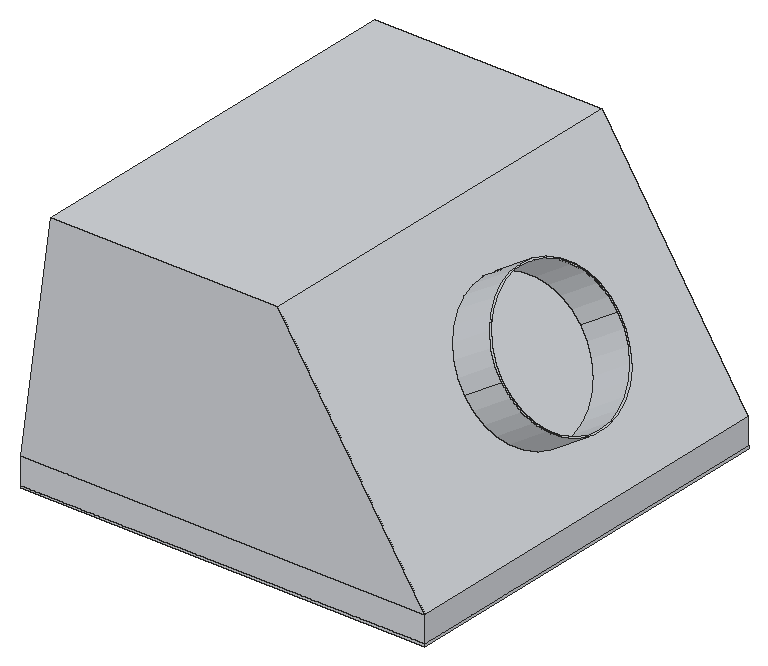
Revit family "SWF-P", category Air Terminals, Revit 2012
Parameters (values of type "SWF-P-08")
  URL = ""
  Radio int = 2 15/16"
  Radio = Diametro / 2  # 4"
  Mínima velocidad de cuello = 0 FPM
  Mínima presión total = 0.00 in-wg
  Máximo nivel de ruido (NC) = "32"
  Máxima velocidad de cuello = 0 FPM
  Máxima presión total = 0.00 in-wg
  Min Flow = 0 CFM
  Max Flow = 0 CFM
  Material = "Acero"
  Manufacturer = ""
  Largo superior = 23 21/32"
  Espesor = B plato - 3/16"  # 21 15/16"
  Diametro int = 5 7/8"
  Diametro = 8"
  Cuello = "Redondo"
  B plato = 22 1/8"
  Alto placa = 1/8"
  Alto perfil = 1 9/16"
  Alto = 13 13/16"
Types (2): name | URL | Radio | Mínima velocidad de cuello | Mínima presión total | Máximo nivel de ruido (NC) | Máxima velocidad de cuello | Máxima presión total | Min Flow | Max Flow | Manufacturer | Diametro
  SWF-P-06 | "http://www.innes.com.mx" | 3" | 10 FPM | 10.00 in-wg | "10" | 10 FPM | 10.00 in-wg | 10 CFM | 10 CFM | "INNES" | 6"
  SWF-P-08 | "" | 4" | 0 FPM | 0.00 in-wg | "32" | 0 FPM | 0.00 in-wg | 0 CFM | 0 CFM | "" | 8"
Reference planes (in)
  plane 1 "Center (Front/Back)": y = 0
  plane 2: z = 0
  plane 3 "Center (Left/Right)": x = 0
  plane 4: x = 11.0625
  plane 5: x = -11.0625
  plane 6: y = 11.0625
  plane 7: y = -11.0625
  plane 8: x = -10.96875
  plane 9: x = 10.96875
  plane 10: y = 10.96875
  plane 11: y = -10.96875
  plane 12 "Altura placa": z = 0.125
  plane 13 "Altura perfil": z = 1.5625
  plane 14 "Altura": z = 13.8125
  plane 15: x = -9.375
  plane 16: x = 3.03125
  plane 17: x = -9.1875
  plane 18: x = 2.84375
Forms (in)
  Extrusion 1, solid
    sketch origin (0, 0, 0) x (1, 0, 0) y (0, 1, 0)
      loop
        line (-11.0625, 11.0625) -> (-11.0625, -11.0625) -> (11.0625, -11.0625) -> (11.0625, 11.0625) -> (-11.0625, 11.0625)
    from 0 to 0.125
  Extrusion 2, void
    sketch origin (0.10586, 0.04098, 0) x (-0.669131, -0.743145, 0) y (0.743145, -0.669131, 0)
      loop
        arc (-8.74735, 4.30708) -> (-5.32159, 2.29365) -> (-1.53083, 1.10205) r 17.55906
        arc (-1.53083, 1.10205) -> (-2.00501, 1.41256) -> (-2.51614, 1.65751) r 4.26873
        arc (-2.51614, 1.65751) -> (-5.38673, 3.45137) -> (-7.99735, 5.60612) r 25.7617
        line (-7.99735, 5.60612) -> (-8.74735, 4.30708)
    from 0 to 0.125
  Extrusion 3, void
    sketch origin (0.11207, 0.01808, 0) x (-0.809017, -0.587785, 0) y (0.587785, -0.809017, 0)
      loop
        arc (-8.74735, 4.30708) -> (-5.32159, 2.29365) -> (-1.53083, 1.10205) r 17.55906
        arc (-1.53083, 1.10205) -> (-2.00501, 1.41256) -> (-2.51614, 1.65751) r 4.26873
        arc (-2.51614, 1.65751) -> (-5.38673, 3.45137) -> (-7.99735, 5.60612) r 25.7617
        line (-7.99735, 5.60612) -> (-8.74735, 4.30708)
    from 0 to 0.125
  Extrusion 4, void
    sketch origin (0.11338, -0.00562, 0) x (-0.913545, -0.406737, 0) y (0.406737, -0.913545, 0)
      loop
        arc (-8.74735, 4.30708) -> (-5.32159, 2.29365) -> (-1.53083, 1.10205) r 17.55906
        arc (-1.53083, 1.10205) -> (-2.00501, 1.41256) -> (-2.51614, 1.65751) r 4.26873
        arc (-2.51614, 1.65751) -> (-5.38673, 3.45137) -> (-7.99735, 5.60612) r 25.7617
        line (-7.99735, 5.60612) -> (-8.74735, 4.30708)
    from 0 to 0.125
  Extrusion 5, void
    sketch origin (0.10973, -0.02907, 0) x (-0.978148, -0.207912, 0) y (0.207912, -0.978148, 0)
      loop
        arc (-8.74735, 4.30708) -> (-5.32159, 2.29365) -> (-1.53083, 1.10205) r 17.55906
        arc (-1.53083, 1.10205) -> (-2.00501, 1.41256) -> (-2.51614, 1.65751) r 4.26873
        arc (-2.51614, 1.65751) -> (-5.38673, 3.45137) -> (-7.99735, 5.60612) r 25.7617
        line (-7.99735, 5.60612) -> (-8.74735, 4.30708)
    from 0 to 0.125
  Extrusion 6, void
    sketch origin (0.10129, -0.05125, 0) x (-1, 0, 0) y (0, -1, 0)
      loop
        arc (-8.74735, 4.30708) -> (-5.32159, 2.29365) -> (-1.53083, 1.10205) r 17.55906
        arc (-1.53083, 1.10205) -> (-2.00501, 1.41256) -> (-2.51614, 1.65751) r 4.26873
        arc (-2.51614, 1.65751) -> (-5.38673, 3.45137) -> (-7.99735, 5.60612) r 25.7617
        line (-7.99735, 5.60612) -> (-8.74735, 4.30708)
    from 0 to 0.125
  Extrusion 7, void
    sketch origin (0.08842, -0.07118, 0) x (-0.978148, 0.207912, 0) y (-0.207912, -0.978148, 0)
      loop
        arc (-8.74735, 4.30708) -> (-5.32159, 2.29365) -> (-1.53083, 1.10205) r 17.55906
        arc (-1.53083, 1.10205) -> (-2.00501, 1.41256) -> (-2.51614, 1.65751) r 4.26873
        arc (-2.51614, 1.65751) -> (-5.38673, 3.45137) -> (-7.99735, 5.60612) r 25.7617
        line (-7.99735, 5.60612) -> (-8.74735, 4.30708)
    from 0 to 0.125
  Extrusion 8, void
    sketch origin (0.07169, -0.08801, 0) x (-0.913545, 0.406737, 0) y (-0.406737, -0.913545, 0)
      loop
        arc (-8.74735, 4.30708) -> (-5.32159, 2.29365) -> (-1.53083, 1.10205) r 17.55906
        arc (-1.53083, 1.10205) -> (-2.00501, 1.41256) -> (-2.51614, 1.65751) r 4.26873
        arc (-2.51614, 1.65751) -> (-5.38673, 3.45137) -> (-7.99735, 5.60612) r 25.7617
        line (-7.99735, 5.60612) -> (-8.74735, 4.30708)
    from 0 to 0.125
  Extrusion 9, void
    sketch origin (0.05182, -0.101, 0) x (-0.809017, 0.587785, 0) y (-0.587785, -0.809017, 0)
      loop
        arc (-8.74735, 4.30708) -> (-5.32159, 2.29365) -> (-1.53083, 1.10205) r 17.55906
        arc (-1.53083, 1.10205) -> (-2.00501, 1.41256) -> (-2.51614, 1.65751) r 4.26873
        arc (-2.51614, 1.65751) -> (-5.38673, 3.45137) -> (-7.99735, 5.60612) r 25.7617
        line (-7.99735, 5.60612) -> (-8.74735, 4.30708)
    from 0 to 0.125
  Extrusion 10, void
    sketch origin (0.02969, -0.10956, 0) x (-0.669131, 0.743145, 0) y (-0.743145, -0.669131, 0)
      loop
        arc (-8.74735, 4.30708) -> (-5.32159, 2.29365) -> (-1.53083, 1.10205) r 17.55906
        arc (-1.53083, 1.10205) -> (-2.00501, 1.41256) -> (-2.51614, 1.65751) r 4.26873
        arc (-2.51614, 1.65751) -> (-5.38673, 3.45137) -> (-7.99735, 5.60612) r 25.7617
        line (-7.99735, 5.60612) -> (-8.74735, 4.30708)
    from 0 to 0.125
  Extrusion 11, void
    sketch origin (0.00627, -0.11334, 0) x (-0.5, 0.866025, 0) y (-0.866025, -0.5, 0)
      loop
        arc (-8.74735, 4.30708) -> (-5.32159, 2.29365) -> (-1.53083, 1.10205) r 17.55906
        arc (-1.53083, 1.10205) -> (-2.00501, 1.41256) -> (-2.51614, 1.65751) r 4.26873
        arc (-2.51614, 1.65751) -> (-5.38673, 3.45137) -> (-7.99735, 5.60612) r 25.7617
        line (-7.99735, 5.60612) -> (-8.74735, 4.30708)
    from 0 to 0.125
  Extrusion 12, void
    sketch origin (-0.01744, -0.11217, 0) x (-0.309017, 0.951057, 0) y (-0.951057, -0.309017, 0)
      loop
        arc (-8.74735, 4.30708) -> (-5.32159, 2.29365) -> (-1.53083, 1.10205) r 17.55906
        arc (-1.53083, 1.10205) -> (-2.00501, 1.41256) -> (-2.51614, 1.65751) r 4.26873
        arc (-2.51614, 1.65751) -> (-5.38673, 3.45137) -> (-7.99735, 5.60612) r 25.7617
        line (-7.99735, 5.60612) -> (-8.74735, 4.30708)
    from 0 to 0.125
  Extrusion 13, void
    sketch origin (-0.04038, -0.10609, 0) x (-0.104528, 0.994522, 0) y (-0.994522, -0.104528, 0)
      loop
        arc (-8.74735, 4.30708) -> (-5.32159, 2.29365) -> (-1.53083, 1.10205) r 17.55906
        arc (-1.53083, 1.10205) -> (-2.00501, 1.41256) -> (-2.51614, 1.65751) r 4.26873
        arc (-2.51614, 1.65751) -> (-5.38673, 3.45137) -> (-7.99735, 5.60612) r 25.7617
        line (-7.99735, 5.60612) -> (-8.74735, 4.30708)
    from 0 to 0.125
  Extrusion 14, void
    sketch origin (-0.06155, -0.09538, 0) x (0.104528, 0.994522, 0) y (-0.994522, 0.104528, 0)
      loop
        arc (-8.74735, 4.30708) -> (-5.32159, 2.29365) -> (-1.53083, 1.10205) r 17.55906
        arc (-1.53083, 1.10205) -> (-2.00501, 1.41256) -> (-2.51614, 1.65751) r 4.26873
        arc (-2.51614, 1.65751) -> (-5.38673, 3.45137) -> (-7.99735, 5.60612) r 25.7617
        line (-7.99735, 5.60612) -> (-8.74735, 4.30708)
    from 0 to 0.125
  Extrusion 15, void
    sketch origin (-0.08004, -0.0805, 0) x (0.309017, 0.951057, 0) y (-0.951057, 0.309017, 0)
      loop
        arc (-8.74735, 4.30708) -> (-5.32159, 2.29365) -> (-1.53083, 1.10205) r 17.55906
        arc (-1.53083, 1.10205) -> (-2.00501, 1.41256) -> (-2.51614, 1.65751) r 4.26873
        arc (-2.51614, 1.65751) -> (-5.38673, 3.45137) -> (-7.99735, 5.60612) r 25.7617
        line (-7.99735, 5.60612) -> (-8.74735, 4.30708)
    from 0 to 0.125
  Extrusion 16, void
    sketch origin (-0.09502, -0.0621, 0) x (0.5, 0.866025, 0) y (-0.866025, 0.5, 0)
      loop
        arc (-8.74735, 4.30708) -> (-5.32159, 2.29365) -> (-1.53083, 1.10205) r 17.55906
        arc (-1.53083, 1.10205) -> (-2.00501, 1.41256) -> (-2.51614, 1.65751) r 4.26873
        arc (-2.51614, 1.65751) -> (-5.38673, 3.45137) -> (-7.99735, 5.60612) r 25.7617
        line (-7.99735, 5.60612) -> (-8.74735, 4.30708)
    from 0 to 0.125
  Extrusion 17, void
    sketch origin (-0.10586, -0.04098, 0) x (0.669131, 0.743145, 0) y (-0.743145, 0.669131, 0)
      loop
        arc (-8.74735, 4.30708) -> (-5.32159, 2.29365) -> (-1.53083, 1.10205) r 17.55906
        arc (-1.53083, 1.10205) -> (-2.00501, 1.41256) -> (-2.51614, 1.65751) r 4.26873
        arc (-2.51614, 1.65751) -> (-5.38673, 3.45137) -> (-7.99735, 5.60612) r 25.7617
        line (-7.99735, 5.60612) -> (-8.74735, 4.30708)
    from 0 to 0.125
  Extrusion 18, void
    sketch origin (-0.11207, -0.01808, 0) x (0.809017, 0.587785, 0) y (-0.587785, 0.809017, 0)
      loop
        arc (-8.74735, 4.30708) -> (-5.32159, 2.29365) -> (-1.53083, 1.10205) r 17.55906
        arc (-1.53083, 1.10205) -> (-2.00501, 1.41256) -> (-2.51614, 1.65751) r 4.26873
        arc (-2.51614, 1.65751) -> (-5.38673, 3.45137) -> (-7.99735, 5.60612) r 25.7617
        line (-7.99735, 5.60612) -> (-8.74735, 4.30708)
    from 0 to 0.125
  Extrusion 19, void
    sketch origin (-0.11338, 0.00562, 0) x (0.913545, 0.406737, 0) y (-0.406737, 0.913545, 0)
      loop
        arc (-8.74735, 4.30708) -> (-5.32159, 2.29365) -> (-1.53083, 1.10205) r 17.55906
        arc (-1.53083, 1.10205) -> (-2.00501, 1.41256) -> (-2.51614, 1.65751) r 4.26873
        arc (-2.51614, 1.65751) -> (-5.38673, 3.45137) -> (-7.99735, 5.60612) r 25.7617
        line (-7.99735, 5.60612) -> (-8.74735, 4.30708)
    from 0 to 0.125
  Extrusion 20, void
    sketch origin (-0.10973, 0.02907, 0) x (0.978148, 0.207912, 0) y (-0.207912, 0.978148, 0)
      loop
        arc (-8.74735, 4.30708) -> (-5.32159, 2.29365) -> (-1.53083, 1.10205) r 17.55906
        arc (-1.53083, 1.10205) -> (-2.00501, 1.41256) -> (-2.51614, 1.65751) r 4.26873
        arc (-2.51614, 1.65751) -> (-5.38673, 3.45137) -> (-7.99735, 5.60612) r 25.7617
        line (-7.99735, 5.60612) -> (-8.74735, 4.30708)
    from 0 to 0.125
  Extrusion 21, void
    sketch origin (-0.10129, 0.05125, 0) x (1, 0, 0) y (0, 1, 0)
      loop
        arc (-8.74735, 4.30708) -> (-5.32159, 2.29365) -> (-1.53083, 1.10205) r 17.55906
        arc (-1.53083, 1.10205) -> (-2.00501, 1.41256) -> (-2.51614, 1.65751) r 4.26873
        arc (-2.51614, 1.65751) -> (-5.38673, 3.45137) -> (-7.99735, 5.60612) r 25.7617
        line (-7.99735, 5.60612) -> (-8.74735, 4.30708)
    from 0 to 0.125
  Extrusion 22, void
    sketch origin (-0.08842, 0.07118, 0) x (0.978148, -0.207912, 0) y (0.207912, 0.978148, 0)
      loop
        arc (-8.74735, 4.30708) -> (-5.32159, 2.29365) -> (-1.53083, 1.10205) r 17.55906
        arc (-1.53083, 1.10205) -> (-2.00501, 1.41256) -> (-2.51614, 1.65751) r 4.26873
        arc (-2.51614, 1.65751) -> (-5.38673, 3.45137) -> (-7.99735, 5.60612) r 25.7617
        line (-7.99735, 5.60612) -> (-8.74735, 4.30708)
    from 0 to 0.125
  Extrusion 23, void
    sketch origin (-0.07169, 0.08801, 0) x (0.913545, -0.406737, 0) y (0.406737, 0.913545, 0)
      loop
        arc (-8.74735, 4.30708) -> (-5.32159, 2.29365) -> (-1.53083, 1.10205) r 17.55906
        arc (-1.53083, 1.10205) -> (-2.00501, 1.41256) -> (-2.51614, 1.65751) r 4.26873
        arc (-2.51614, 1.65751) -> (-5.38673, 3.45137) -> (-7.99735, 5.60612) r 25.7617
        line (-7.99735, 5.60612) -> (-8.74735, 4.30708)
    from 0 to 0.125
  Extrusion 24, void
    sketch origin (-0.05182, 0.101, 0) x (0.809017, -0.587785, 0) y (0.587785, 0.809017, 0)
      loop
        arc (-8.74735, 4.30708) -> (-5.32159, 2.29365) -> (-1.53083, 1.10205) r 17.55906
        arc (-1.53083, 1.10205) -> (-2.00501, 1.41256) -> (-2.51614, 1.65751) r 4.26873
        arc (-2.51614, 1.65751) -> (-5.38673, 3.45137) -> (-7.99735, 5.60612) r 25.7617
        line (-7.99735, 5.60612) -> (-8.74735, 4.30708)
    from 0 to 0.125
  Extrusion 25, void
    sketch origin (-0.02969, 0.10956, 0) x (0.669131, -0.743145, 0) y (0.743145, 0.669131, 0)
      loop
        arc (-8.74735, 4.30708) -> (-5.32159, 2.29365) -> (-1.53083, 1.10205) r 17.55906
        arc (-1.53083, 1.10205) -> (-2.00501, 1.41256) -> (-2.51614, 1.65751) r 4.26873
        arc (-2.51614, 1.65751) -> (-5.38673, 3.45137) -> (-7.99735, 5.60612) r 25.7617
        line (-7.99735, 5.60612) -> (-8.74735, 4.30708)
    from 0 to 0.125
  Extrusion 26, void
    sketch origin (0, 0, 0) x (1, 0, 0) y (0, 1, 0)
      loop
        circle (0, 0) r 0.25
    from 0 to 0.125
  Extrusion 27, solid
    sketch origin (0, 0, 0.125) x (-1, 0, 0) y (0, -1, 0)
      loop
        line (11.0625, -11.0625) -> (11.0625, 11.0625) -> (-11.0625, 11.0625) -> (-11.0625, -11.0625) -> (11.0625, -11.0625)
      loop
        line (10.96875, -10.96875) -> (10.96875, 10.96875) -> (-10.96875, 10.96875) -> (-10.96875, -10.96875) -> (10.96875, -10.96875)
    from 0 to 1.4375
  Blend 28, solid
    base sketch origin (0, 0, 13.8125) x (-1, 0, 0) y (0, -1, 0)
      loop
        line (11.0625, -11.0625) -> (11.0625, 11.0625) -> (-11.0625, 11.0625) -> (-11.0625, -11.0625) -> (11.0625, -11.0625)
    top sketch origin (0, 0, 13.8125) x (-1, 0, 0) y (0, -1, 0)
      loop
        line (9.375, -11.0625) -> (9.375, 11.0625) -> (-3.03125, 11.0625) -> (-3.03125, -11.0625) -> (9.375, -11.0625)
    from -12.25 to 0
  Blend 29, void
    base sketch origin (0, 0, 1.5625) x (-1, 0, 0) y (0, -1, 0)
      loop
        line (10.96875, -10.96875) -> (10.96875, 10.96875) -> (-10.96875, 10.96875) -> (-10.96875, -10.96875) -> (10.96875, -10.96875)
    top sketch origin (0, 0, 13.8125) x (-1, 0, 0) y (0, -1, 0)
      loop
        line (9.1875, -10.96875) -> (9.1875, 10.96875) -> (-2.84375, 10.96875) -> (-2.84375, -10.96875) -> (9.1875, -10.96875)
    from 0 to -0.26133
  Extrusion 30, void
    sketch origin (-0.00627, 0.11334, 0) x (0.5, -0.866025, 0) y (0.866025, 0.5, 0)
      loop
        arc (-8.74735, 4.30708) -> (-5.32159, 2.29365) -> (-1.53083, 1.10205) r 17.55906
        arc (-1.53083, 1.10205) -> (-2.00501, 1.41256) -> (-2.51614, 1.65751) r 4.26873
        arc (-2.51614, 1.65751) -> (-5.38673, 3.45137) -> (-7.99735, 5.60612) r 25.7617
        line (-7.99735, 5.60612) -> (-8.74735, 4.30708)
    from 0 to 0.125
  Extrusion 31, void
    sketch origin (0.01744, 0.11217, 0) x (0.309017, -0.951057, 0) y (0.951057, 0.309017, 0)
      loop
        arc (-8.74735, 4.30708) -> (-5.32159, 2.29365) -> (-1.53083, 1.10205) r 17.55906
        arc (-1.53083, 1.10205) -> (-2.00501, 1.41256) -> (-2.51614, 1.65751) r 4.26873
        arc (-2.51614, 1.65751) -> (-5.38673, 3.45137) -> (-7.99735, 5.60612) r 25.7617
        line (-7.99735, 5.60612) -> (-8.74735, 4.30708)
    from 0 to 0.125
  Extrusion 32, void
    sketch origin (0.04038, 0.10609, 0) x (0.104528, -0.994522, 0) y (0.994522, 0.104528, 0)
      loop
        arc (-8.74735, 4.30708) -> (-5.32159, 2.29365) -> (-1.53083, 1.10205) r 17.55906
        arc (-1.53083, 1.10205) -> (-2.00501, 1.41256) -> (-2.51614, 1.65751) r 4.26873
        arc (-2.51614, 1.65751) -> (-5.38673, 3.45137) -> (-7.99735, 5.60612) r 25.7617
        line (-7.99735, 5.60612) -> (-8.74735, 4.30708)
    from 0 to 0.125
  Extrusion 33, void
    sketch origin (0.06155, 0.09538, 0) x (-0.104528, -0.994522, 0) y (0.994522, -0.104528, 0)
      loop
        arc (-8.74735, 4.30708) -> (-5.32159, 2.29365) -> (-1.53083, 1.10205) r 17.55906
        arc (-1.53083, 1.10205) -> (-2.00501, 1.41256) -> (-2.51614, 1.65751) r 4.26873
        arc (-2.51614, 1.65751) -> (-5.38673, 3.45137) -> (-7.99735, 5.60612) r 25.7617
        line (-7.99735, 5.60612) -> (-8.74735, 4.30708)
    from 0 to 0.125
  Extrusion 34, void
    sketch origin (0.08004, 0.0805, 0) x (-0.309017, -0.951057, 0) y (0.951057, -0.309017, 0)
      loop
        arc (-8.74735, 4.30708) -> (-5.32159, 2.29365) -> (-1.53083, 1.10205) r 17.55906
        arc (-1.53083, 1.10205) -> (-2.00501, 1.41256) -> (-2.51614, 1.65751) r 4.26873
        arc (-2.51614, 1.65751) -> (-5.38673, 3.45137) -> (-7.99735, 5.60612) r 25.7617
        line (-7.99735, 5.60612) -> (-8.74735, 4.30708)
    from 0 to 0.125
  Extrusion 35, void
    sketch origin (0.09502, 0.0621, 0) x (-0.5, -0.866025, 0) y (0.866025, -0.5, 0)
      loop
        arc (-8.74735, 4.30708) -> (-5.32159, 2.29365) -> (-1.53083, 1.10205) r 17.55906
        arc (-1.53083, 1.10205) -> (-2.00501, 1.41256) -> (-2.51614, 1.65751) r 4.26873
        arc (-2.51614, 1.65751) -> (-5.38673, 3.45137) -> (-7.99735, 5.60612) r 25.7617
        line (-7.99735, 5.60612) -> (-8.74735, 4.30708)
    from 0 to 0.125
Cuts and joins
  Extrusion 2, Extrusion 3, Extrusion 4, Extrusion 5, Extrusion 6, Extrusion 7, Extrusion 8, Extrusion 9, Extrusion 10, Extrusion 11, Extrusion 12, Extrusion 13, Extrusion 14, Extrusion 15, Extrusion 16, Extrusion 17, Extrusion 18, Extrusion 19, Extrusion 20, Extrusion 21, Extrusion 22, Extrusion 23, Extrusion 24, Extrusion 25, Extrusion 26, Extrusion 30, Extrusion 31, Extrusion 32, Extrusion 33, Extrusion 34, Extrusion 35 cuts Extrusion 1
  Blend 29 cuts Blend 28
Lines and regions (in)
  model lines
    curve 1: line (-0.54473, 9.73477, 0) -> (0.54473, 9.73477, 0)
Dimensions and locks (in)
  equal spacing: plane 5, plane 3 "Center (Left/Right)", plane 4
  "B plato": plane 5 to plane 4
  equal spacing: plane 6, plane 1 "Center (Front/Back)", plane 7
  "B plato": plane 6 to plane 7
  equal spacing: plane 8, plane 3 "Center (Left/Right)", plane 9
  "Espesor": plane 8 to plane 9
  equal spacing: plane 10, plane 1 "Center (Front/Back)", plane 11
  "Espesor": plane 10 to plane 11
  "Alto placa": plane 12 "Altura placa" to level
  "Alto perfil": plane 13 "Altura perfil" to level
  "Alto": plane 14 "Altura" to level
  locked: plane 15 to plane 16 at 12.40625
  plane 15 to plane 3 "Center (Left/Right)" to plane 16 = 9 3/8" locked, 3 1/32" locked
  locked: plane 15 to plane 17 at 0.1875
  locked: plane 18 to plane 16 at 0.1875
  aligned and locked: plane 2 to level
  aligned and locked: Extrusion 1 sketch curve to plane 6
  aligned and locked: plane 5 to Extrusion 1 sketch curve
  aligned and locked: plane 7 to Extrusion 1 sketch curve
  aligned and locked: Extrusion 1 sketch curve to plane 4
  aligned and locked: Extrusion 1 to Extrusion 8
  aligned and locked: Extrusion 27 to plane 7
  aligned and locked: Extrusion 27 to plane 5
  aligned and locked: plane 4 to Extrusion 27
  aligned and locked: plane 6 to Extrusion 27
  aligned and locked: Extrusion 27 to plane 10
  aligned and locked: plane 8 to Extrusion 27
  aligned and locked: plane 11 to Extrusion 27
  aligned and locked: Extrusion 27 to plane 9
  aligned and locked: Blend 28 sketch curve to plane 6
  aligned and locked: plane 15 to Blend 28 sketch curve
  aligned and locked: plane 7 to Blend 28 sketch curve
  aligned and locked: Blend 28 sketch curve to plane 16
  aligned and locked: Blend 28 to plane 13 "Altura perfil"
  aligned and locked: plane 14 "Altura" to Blend 28
  aligned and locked: Blend 29 sketch curve to Extrusion 27  (x4)
  aligned and locked: Blend 29 sketch curve to plane 10
  aligned and locked: plane 17 to Blend 29 sketch curve
  aligned and locked: plane 11 to Blend 29 sketch curve
  aligned and locked: Blend 29 sketch curve to plane 18
  aligned and locked: Blend 29 to plane 13 "Altura perfil"
Automatic sketch dimensions
  curve 1 to plane 3 "Center (Left/Right)" = 0.54473"
  curve 1 to plane 6 = 1.32773"
  plane 3 "Center (Left/Right)" to curve 1 = 0.54473"
  plane 1 "Center (Front/Back)" to Extrusion 26 sketch curve = 0"
  Extrusion 26 sketch curve to plane 3 "Center (Left/Right)" = 0"
  plane 4 to Extrusion 27 sketch curve = 0"
  Extrusion 27 sketch curve to plane 9 = 0"
  plane 8 to Extrusion 27 sketch curve = 0"
  Extrusion 27 sketch curve to plane 5 = 0"
  plane 6 to Extrusion 27 sketch curve = 0"
  Extrusion 27 sketch curve to plane 10 = 0"
  plane 11 to Extrusion 27 sketch curve = 0"
  Extrusion 27 sketch curve to plane 7 = 0"
  Blend 28 sketch curve to plane 4 = 0"
  Blend 28 sketch curve to plane 5 = 0"
  Blend 28 sketch curve to plane 6 = 0"
  Blend 28 sketch curve to plane 7 = 0"
  Extrusion 21 sketch curve to Extrusion 21 sketch curve = 3/4"
  Extrusion 21 sketch curve to Extrusion 21 sketch curve = 4.64603"
  Extrusion 21 sketch curve to Extrusion 21 sketch curve = 1.58518"
  Extrusion 21 sketch curve to Extrusion 21 sketch curve = 0.98531"
  Extrusion 21 sketch curve to Extrusion 21 sketch curve = 9.80288"
  Extrusion 21 sketch curve to Extrusion 21 sketch curve = 7.86578"
  Extrusion 21 sketch curve to Extrusion 21 sketch curve = 3.40803"
  Extrusion 21 sketch curve to Extrusion 21 sketch curve = 2.64957"
  Extrusion 21 sketch curve to Extrusion 21 sketch curve = 1.29904"
  Extrusion 2 sketch curve to Extrusion 2 sketch curve = 3/4"
  Extrusion 2 sketch curve to Extrusion 2 sketch curve = 4.64603"
  Extrusion 2 sketch curve to Extrusion 2 sketch curve = 1.58518"
  Extrusion 2 sketch curve to Extrusion 2 sketch curve = 0.98531"
  Extrusion 2 sketch curve to Extrusion 2 sketch curve = 9.80288"
  Extrusion 2 sketch curve to Extrusion 2 sketch curve = 7.86578"
  Extrusion 2 sketch curve to Extrusion 2 sketch curve = 3.40803"
  Extrusion 2 sketch curve to Extrusion 2 sketch curve = 2.64957"
  Extrusion 2 sketch curve to Extrusion 2 sketch curve = 1.29904"
  Extrusion 3 sketch curve to Extrusion 3 sketch curve = 3/4"
  Extrusion 3 sketch curve to Extrusion 3 sketch curve = 4.64603"
  Extrusion 3 sketch curve to Extrusion 3 sketch curve = 1.58518"
  Extrusion 3 sketch curve to Extrusion 3 sketch curve = 0.98531"
  Extrusion 3 sketch curve to Extrusion 3 sketch curve = 9.80288"
  Extrusion 3 sketch curve to Extrusion 3 sketch curve = 7.86578"
  Extrusion 3 sketch curve to Extrusion 3 sketch curve = 3.40803"
  Extrusion 3 sketch curve to Extrusion 3 sketch curve = 2.64957"
  Extrusion 3 sketch curve to Extrusion 3 sketch curve = 1.29904"
  Extrusion 4 sketch curve to Extrusion 4 sketch curve = 3/4"
  Extrusion 4 sketch curve to Extrusion 4 sketch curve = 4.64603"
  Extrusion 4 sketch curve to Extrusion 4 sketch curve = 1.58518"
  Extrusion 4 sketch curve to Extrusion 4 sketch curve = 0.98531"
  Extrusion 4 sketch curve to Extrusion 4 sketch curve = 9.80288"
  Extrusion 4 sketch curve to Extrusion 4 sketch curve = 7.86578"
  Extrusion 4 sketch curve to Extrusion 4 sketch curve = 3.40803"
  Extrusion 4 sketch curve to Extrusion 4 sketch curve = 2.64957"
  Extrusion 4 sketch curve to Extrusion 4 sketch curve = 1.29904"
  Extrusion 5 sketch curve to Extrusion 5 sketch curve = 3/4"
  Extrusion 5 sketch curve to Extrusion 5 sketch curve = 4.64603"
  Extrusion 5 sketch curve to Extrusion 5 sketch curve = 1.58518"
  Extrusion 5 sketch curve to Extrusion 5 sketch curve = 0.98531"
  Extrusion 5 sketch curve to Extrusion 5 sketch curve = 9.80288"
  Extrusion 5 sketch curve to Extrusion 5 sketch curve = 7.86578"
  Extrusion 5 sketch curve to Extrusion 5 sketch curve = 3.40803"
  Extrusion 5 sketch curve to Extrusion 5 sketch curve = 2.64957"
  Extrusion 5 sketch curve to Extrusion 5 sketch curve = 1.29904"
  Extrusion 6 sketch curve to Extrusion 6 sketch curve = 3/4"
  Extrusion 6 sketch curve to Extrusion 6 sketch curve = 4.64603"
  Extrusion 6 sketch curve to Extrusion 6 sketch curve = 1.58518"
  Extrusion 6 sketch curve to Extrusion 6 sketch curve = 0.98531"
  Extrusion 6 sketch curve to Extrusion 6 sketch curve = 9.80288"
  Extrusion 6 sketch curve to Extrusion 6 sketch curve = 7.86578"
  Extrusion 6 sketch curve to Extrusion 6 sketch curve = 3.40803"
  Extrusion 6 sketch curve to Extrusion 6 sketch curve = 2.64957"
  Extrusion 6 sketch curve to Extrusion 6 sketch curve = 1.29904"
  Extrusion 7 sketch curve to Extrusion 7 sketch curve = 3/4"
  Extrusion 7 sketch curve to Extrusion 7 sketch curve = 4.64603"
  Extrusion 7 sketch curve to Extrusion 7 sketch curve = 1.58518"
  Extrusion 7 sketch curve to Extrusion 7 sketch curve = 0.98531"
  Extrusion 7 sketch curve to Extrusion 7 sketch curve = 9.80288"
  Extrusion 7 sketch curve to Extrusion 7 sketch curve = 7.86578"
  Extrusion 7 sketch curve to Extrusion 7 sketch curve = 3.40803"
  Extrusion 7 sketch curve to Extrusion 7 sketch curve = 2.64957"
  Extrusion 7 sketch curve to Extrusion 7 sketch curve = 1.29904"
  Extrusion 8 sketch curve to Extrusion 8 sketch curve = 3/4"
  Extrusion 8 sketch curve to Extrusion 8 sketch curve = 4.64603"
  Extrusion 8 sketch curve to Extrusion 8 sketch curve = 1.58518"
  Extrusion 8 sketch curve to Extrusion 8 sketch curve = 0.98531"
  Extrusion 8 sketch curve to Extrusion 8 sketch curve = 9.80288"
  Extrusion 8 sketch curve to Extrusion 8 sketch curve = 7.86578"
  Extrusion 8 sketch curve to Extrusion 8 sketch curve = 3.40803"
  Extrusion 8 sketch curve to Extrusion 8 sketch curve = 2.64957"
  Extrusion 8 sketch curve to Extrusion 8 sketch curve = 1.29904"
  Extrusion 9 sketch curve to Extrusion 9 sketch curve = 3/4"
  Extrusion 9 sketch curve to Extrusion 9 sketch curve = 4.64603"
  Extrusion 9 sketch curve to Extrusion 9 sketch curve = 1.58518"
  Extrusion 9 sketch curve to Extrusion 9 sketch curve = 0.98531"
  Extrusion 9 sketch curve to Extrusion 9 sketch curve = 9.80288"
  Extrusion 9 sketch curve to Extrusion 9 sketch curve = 7.86578"
  Extrusion 9 sketch curve to Extrusion 9 sketch curve = 3.40803"
  Extrusion 9 sketch curve to Extrusion 9 sketch curve = 2.64957"
  Extrusion 9 sketch curve to Extrusion 9 sketch curve = 1.29904"
  Extrusion 10 sketch curve to Extrusion 10 sketch curve = 3/4"
  Extrusion 10 sketch curve to Extrusion 10 sketch curve = 4.64603"
  Extrusion 10 sketch curve to Extrusion 10 sketch curve = 1.58518"
  Extrusion 10 sketch curve to Extrusion 10 sketch curve = 0.98531"
  Extrusion 10 sketch curve to Extrusion 10 sketch curve = 9.80288"
  Extrusion 10 sketch curve to Extrusion 10 sketch curve = 7.86578"
  Extrusion 10 sketch curve to Extrusion 10 sketch curve = 3.40803"
  Extrusion 10 sketch curve to Extrusion 10 sketch curve = 2.64957"
  Extrusion 10 sketch curve to Extrusion 10 sketch curve = 1.29904"
  Extrusion 11 sketch curve to Extrusion 11 sketch curve = 3/4"
  Extrusion 11 sketch curve to Extrusion 11 sketch curve = 4.64603"
  Extrusion 11 sketch curve to Extrusion 11 sketch curve = 1.58518"
  Extrusion 11 sketch curve to Extrusion 11 sketch curve = 0.98531"
  Extrusion 11 sketch curve to Extrusion 11 sketch curve = 9.80288"
  Extrusion 11 sketch curve to Extrusion 11 sketch curve = 7.86578"
  Extrusion 11 sketch curve to Extrusion 11 sketch curve = 3.40803"
  Extrusion 11 sketch curve to Extrusion 11 sketch curve = 2.64957"
  Extrusion 11 sketch curve to Extrusion 11 sketch curve = 1.29904"
  Extrusion 12 sketch curve to Extrusion 12 sketch curve = 3/4"
  Extrusion 12 sketch curve to Extrusion 12 sketch curve = 4.64603"
  Extrusion 12 sketch curve to Extrusion 12 sketch curve = 1.58518"
  Extrusion 12 sketch curve to Extrusion 12 sketch curve = 0.98531"
  Extrusion 12 sketch curve to Extrusion 12 sketch curve = 9.80288"
  Extrusion 12 sketch curve to Extrusion 12 sketch curve = 7.86578"
  Extrusion 12 sketch curve to Extrusion 12 sketch curve = 3.40803"
  Extrusion 12 sketch curve to Extrusion 12 sketch curve = 2.64957"
  Extrusion 12 sketch curve to Extrusion 12 sketch curve = 1.29904"
  Extrusion 13 sketch curve to Extrusion 13 sketch curve = 3/4"
  Extrusion 13 sketch curve to Extrusion 13 sketch curve = 4.64603"
  Extrusion 13 sketch curve to Extrusion 13 sketch curve = 1.58518"
  Extrusion 13 sketch curve to Extrusion 13 sketch curve = 0.98531"
  Extrusion 13 sketch curve to Extrusion 13 sketch curve = 9.80288"
  Extrusion 13 sketch curve to Extrusion 13 sketch curve = 7.86578"
  Extrusion 13 sketch curve to Extrusion 13 sketch curve = 3.40803"
  Extrusion 13 sketch curve to Extrusion 13 sketch curve = 2.64957"
  Extrusion 13 sketch curve to Extrusion 13 sketch curve = 1.29904"
  Extrusion 14 sketch curve to Extrusion 14 sketch curve = 3/4"
  Extrusion 14 sketch curve to Extrusion 14 sketch curve = 4.64603"
  Extrusion 14 sketch curve to Extrusion 14 sketch curve = 1.58518"
  Extrusion 14 sketch curve to Extrusion 14 sketch curve = 0.98531"
  Extrusion 14 sketch curve to Extrusion 14 sketch curve = 9.80288"
  Extrusion 14 sketch curve to Extrusion 14 sketch curve = 7.86578"
  Extrusion 14 sketch curve to Extrusion 14 sketch curve = 3.40803"
  Extrusion 14 sketch curve to Extrusion 14 sketch curve = 2.64957"
  Extrusion 14 sketch curve to Extrusion 14 sketch curve = 1.29904"
  Extrusion 15 sketch curve to Extrusion 15 sketch curve = 3/4"
  Extrusion 15 sketch curve to Extrusion 15 sketch curve = 4.64603"
  Extrusion 15 sketch curve to Extrusion 15 sketch curve = 1.58518"
  Extrusion 15 sketch curve to Extrusion 15 sketch curve = 0.98531"
  Extrusion 15 sketch curve to Extrusion 15 sketch curve = 9.80288"
  Extrusion 15 sketch curve to Extrusion 15 sketch curve = 7.86578"
  Extrusion 15 sketch curve to Extrusion 15 sketch curve = 3.40803"
  Extrusion 15 sketch curve to Extrusion 15 sketch curve = 2.64957"
  Extrusion 15 sketch curve to Extrusion 15 sketch curve = 1.29904"
  Extrusion 16 sketch curve to Extrusion 16 sketch curve = 3/4"
  Extrusion 16 sketch curve to Extrusion 16 sketch curve = 4.64603"
  Extrusion 16 sketch curve to Extrusion 16 sketch curve = 1.58518"
  Extrusion 16 sketch curve to Extrusion 16 sketch curve = 0.98531"
  Extrusion 16 sketch curve to Extrusion 16 sketch curve = 9.80288"
  Extrusion 16 sketch curve to Extrusion 16 sketch curve = 7.86578"
  Extrusion 16 sketch curve to Extrusion 16 sketch curve = 3.40803"
  Extrusion 16 sketch curve to Extrusion 16 sketch curve = 2.64957"
  Extrusion 16 sketch curve to Extrusion 16 sketch curve = 1.29904"
  Extrusion 17 sketch curve to Extrusion 17 sketch curve = 3/4"
  Extrusion 17 sketch curve to Extrusion 17 sketch curve = 4.64603"
  Extrusion 17 sketch curve to Extrusion 17 sketch curve = 1.58518"
  Extrusion 17 sketch curve to Extrusion 17 sketch curve = 0.98531"
  Extrusion 17 sketch curve to Extrusion 17 sketch curve = 9.80288"
  Extrusion 17 sketch curve to Extrusion 17 sketch curve = 7.86578"
  Extrusion 17 sketch curve to Extrusion 17 sketch curve = 3.40803"
  Extrusion 17 sketch curve to Extrusion 17 sketch curve = 2.64957"
  Extrusion 17 sketch curve to Extrusion 17 sketch curve = 1.29904"
  Extrusion 18 sketch curve to Extrusion 18 sketch curve = 3/4"
  Extrusion 18 sketch curve to Extrusion 18 sketch curve = 4.64603"
  Extrusion 18 sketch curve to Extrusion 18 sketch curve = 1.58518"
  Extrusion 18 sketch curve to Extrusion 18 sketch curve = 0.98531"
  Extrusion 18 sketch curve to Extrusion 18 sketch curve = 9.80288"
  Extrusion 18 sketch curve to Extrusion 18 sketch curve = 7.86578"
  Extrusion 18 sketch curve to Extrusion 18 sketch curve = 3.40803"
  Extrusion 18 sketch curve to Extrusion 18 sketch curve = 2.64957"
  Extrusion 18 sketch curve to Extrusion 18 sketch curve = 1.29904"
  Extrusion 19 sketch curve to Extrusion 19 sketch curve = 3/4"
  Extrusion 19 sketch curve to Extrusion 19 sketch curve = 4.64603"
  Extrusion 19 sketch curve to Extrusion 19 sketch curve = 1.58518"
  Extrusion 19 sketch curve to Extrusion 19 sketch curve = 0.98531"
  Extrusion 19 sketch curve to Extrusion 19 sketch curve = 9.80288"
  Extrusion 19 sketch curve to Extrusion 19 sketch curve = 7.86578"
  Extrusion 19 sketch curve to Extrusion 19 sketch curve = 3.40803"
  Extrusion 19 sketch curve to Extrusion 19 sketch curve = 2.64957"
  Extrusion 19 sketch curve to Extrusion 19 sketch curve = 1.29904"
  Extrusion 20 sketch curve to Extrusion 20 sketch curve = 3/4"
  Extrusion 20 sketch curve to Extrusion 20 sketch curve = 4.64603"
  Extrusion 20 sketch curve to Extrusion 20 sketch curve = 1.58518"
  Extrusion 20 sketch curve to Extrusion 20 sketch curve = 0.98531"
  Extrusion 20 sketch curve to Extrusion 20 sketch curve = 9.80288"
  Extrusion 20 sketch curve to Extrusion 20 sketch curve = 7.86578"
  Extrusion 20 sketch curve to Extrusion 20 sketch curve = 3.40803"
  Extrusion 20 sketch curve to Extrusion 20 sketch curve = 2.64957"
  Extrusion 20 sketch curve to Extrusion 20 sketch curve = 1.29904"
  Extrusion 22 sketch curve to Extrusion 22 sketch curve = 3/4"
  Extrusion 22 sketch curve to Extrusion 22 sketch curve = 4.64603"
  Extrusion 22 sketch curve to Extrusion 22 sketch curve = 1.58518"
  Extrusion 22 sketch curve to Extrusion 22 sketch curve = 0.98531"
  Extrusion 22 sketch curve to Extrusion 22 sketch curve = 9.80288"
  Extrusion 22 sketch curve to Extrusion 22 sketch curve = 7.86578"
  Extrusion 22 sketch curve to Extrusion 22 sketch curve = 3.40803"
  Extrusion 22 sketch curve to Extrusion 22 sketch curve = 2.64957"
  Extrusion 22 sketch curve to Extrusion 22 sketch curve = 1.29904"
  Extrusion 23 sketch curve to Extrusion 23 sketch curve = 3/4"
  Extrusion 23 sketch curve to Extrusion 23 sketch curve = 4.64603"
  Extrusion 23 sketch curve to Extrusion 23 sketch curve = 1.58518"
  Extrusion 23 sketch curve to Extrusion 23 sketch curve = 0.98531"
  Extrusion 23 sketch curve to Extrusion 23 sketch curve = 9.80288"
  Extrusion 23 sketch curve to Extrusion 23 sketch curve = 7.86578"
  Extrusion 23 sketch curve to Extrusion 23 sketch curve = 3.40803"
  Extrusion 23 sketch curve to Extrusion 23 sketch curve = 2.64957"
  Extrusion 23 sketch curve to Extrusion 23 sketch curve = 1.29904"
  Extrusion 24 sketch curve to Extrusion 24 sketch curve = 3/4"
  Extrusion 24 sketch curve to Extrusion 24 sketch curve = 4.64603"
  Extrusion 24 sketch curve to Extrusion 24 sketch curve = 1.58518"
  Extrusion 24 sketch curve to Extrusion 24 sketch curve = 0.98531"
  Extrusion 24 sketch curve to Extrusion 24 sketch curve = 9.80288"
  Extrusion 24 sketch curve to Extrusion 24 sketch curve = 7.86578"
  Extrusion 24 sketch curve to Extrusion 24 sketch curve = 3.40803"
  Extrusion 24 sketch curve to Extrusion 24 sketch curve = 2.64957"
  Extrusion 24 sketch curve to Extrusion 24 sketch curve = 1.29904"
  Extrusion 25 sketch curve to Extrusion 25 sketch curve = 3/4"
  Extrusion 25 sketch curve to Extrusion 25 sketch curve = 4.64603"
  Extrusion 25 sketch curve to Extrusion 25 sketch curve = 1.58518"
  Extrusion 25 sketch curve to Extrusion 25 sketch curve = 0.98531"
  Extrusion 25 sketch curve to Extrusion 25 sketch curve = 9.80288"
  Extrusion 25 sketch curve to Extrusion 25 sketch curve = 7.86578"
  Extrusion 25 sketch curve to Extrusion 25 sketch curve = 3.40803"
  Extrusion 25 sketch curve to Extrusion 25 sketch curve = 2.64957"
  Extrusion 25 sketch curve to Extrusion 25 sketch curve = 1.29904"
  Extrusion 30 sketch curve to Extrusion 30 sketch curve = 3/4"
  Extrusion 30 sketch curve to Extrusion 30 sketch curve = 4.64603"
  Extrusion 30 sketch curve to Extrusion 30 sketch curve = 1.58518"
  Extrusion 30 sketch curve to Extrusion 30 sketch curve = 0.98531"
  Extrusion 30 sketch curve to Extrusion 30 sketch curve = 9.80288"
  Extrusion 30 sketch curve to Extrusion 30 sketch curve = 7.86578"
  Extrusion 30 sketch curve to Extrusion 30 sketch curve = 3.40803"
  Extrusion 30 sketch curve to Extrusion 30 sketch curve = 2.64957"
  Extrusion 30 sketch curve to Extrusion 30 sketch curve = 1.29904"
  Extrusion 31 sketch curve to Extrusion 31 sketch curve = 3/4"
  Extrusion 31 sketch curve to Extrusion 31 sketch curve = 4.64603"
  Extrusion 31 sketch curve to Extrusion 31 sketch curve = 1.58518"
  Extrusion 31 sketch curve to Extrusion 31 sketch curve = 0.98531"
  Extrusion 31 sketch curve to Extrusion 31 sketch curve = 9.80288"
  Extrusion 31 sketch curve to Extrusion 31 sketch curve = 7.86578"
  Extrusion 31 sketch curve to Extrusion 31 sketch curve = 3.40803"
  Extrusion 31 sketch curve to Extrusion 31 sketch curve = 2.64957"
  Extrusion 31 sketch curve to Extrusion 31 sketch curve = 1.29904"
  Extrusion 32 sketch curve to Extrusion 32 sketch curve = 3/4"
  Extrusion 32 sketch curve to Extrusion 32 sketch curve = 4.64603"
  Extrusion 32 sketch curve to Extrusion 32 sketch curve = 1.58518"
  Extrusion 32 sketch curve to Extrusion 32 sketch curve = 0.98531"
  Extrusion 32 sketch curve to Extrusion 32 sketch curve = 9.80288"
  Extrusion 32 sketch curve to Extrusion 32 sketch curve = 7.86578"
  Extrusion 32 sketch curve to Extrusion 32 sketch curve = 3.40803"
  Extrusion 32 sketch curve to Extrusion 32 sketch curve = 2.64957"
  Extrusion 32 sketch curve to Extrusion 32 sketch curve = 1.29904"
  Extrusion 33 sketch curve to Extrusion 33 sketch curve = 3/4"
  Extrusion 33 sketch curve to Extrusion 33 sketch curve = 4.64603"
  Extrusion 33 sketch curve to Extrusion 33 sketch curve = 1.58518"
  Extrusion 33 sketch curve to Extrusion 33 sketch curve = 0.98531"
  Extrusion 33 sketch curve to Extrusion 33 sketch curve = 9.80288"
  Extrusion 33 sketch curve to Extrusion 33 sketch curve = 7.86578"
  Extrusion 33 sketch curve to Extrusion 33 sketch curve = 3.40803"
  Extrusion 33 sketch curve to Extrusion 33 sketch curve = 2.64957"
  Extrusion 33 sketch curve to Extrusion 33 sketch curve = 1.29904"
  Extrusion 34 sketch curve to Extrusion 34 sketch curve = 3/4"
  Extrusion 34 sketch curve to Extrusion 34 sketch curve = 4.64603"
  Extrusion 34 sketch curve to Extrusion 34 sketch curve = 1.58518"
  Extrusion 34 sketch curve to Extrusion 34 sketch curve = 0.98531"
  Extrusion 34 sketch curve to Extrusion 34 sketch curve = 9.80288"
  Extrusion 34 sketch curve to Extrusion 34 sketch curve = 7.86578"
  Extrusion 34 sketch curve to Extrusion 34 sketch curve = 3.40803"
  Extrusion 34 sketch curve to Extrusion 34 sketch curve = 2.64957"
  Extrusion 34 sketch curve to Extrusion 34 sketch curve = 1.29904"
  Extrusion 35 sketch curve to Extrusion 35 sketch curve = 3/4"
  Extrusion 35 sketch curve to Extrusion 35 sketch curve = 4.64603"
  Extrusion 35 sketch curve to Extrusion 35 sketch curve = 1.58518"
  Extrusion 35 sketch curve to Extrusion 35 sketch curve = 0.98531"
  Extrusion 35 sketch curve to Extrusion 35 sketch curve = 9.80288"
  Extrusion 35 sketch curve to Extrusion 35 sketch curve = 7.86578"
  Extrusion 35 sketch curve to Extrusion 35 sketch curve = 3.40803"
  Extrusion 35 sketch curve to Extrusion 35 sketch curve = 2.64957"
  Extrusion 35 sketch curve to Extrusion 35 sketch curve = 1.29904"
  radius of Extrusion 26 sketch curve = 1/4"
Nested families (in)
  nested 1: "prueba cara03" at (7.13202, 0.54727, 7.55763) x (0, 1, 0) z (0.8363, 0, 0.5483), type "prueba cara03"
    with Radio int 3 15/16", Radio 4", Diametro int 7 7/8", Diametro 8"
Connectors (in)
  hvac at (9.19661, 0.54727, 8.91121), driven by "Radio"
    settings: on nested 1, index 1, duct flow 0 CFM, flow factor 0, pres drop 0.00 in-wg, loss coef 0, conn angle 0.00°, conn width 12", conn height 12", conn radius 4", duct sys type 1, conn prof type 0, flow config 0, flow direction 0, loss method 0, conn ref index -1, conn util no, is conn primary yes, conn desc ""
Definition of nested family "prueba cara03"
  Parameters (values of type "prueba cara03")
    Radio int = Diametro int / 2  # 2 15/16"
    Radio = Diametro / 2  # 3"
    Diametro int = Diametro - 1/8"  # 5 7/8"
    Diametro = 6"
    Default Elevation = 48"
  Reference planes (in)
    plane 1 "Center (Front/Back)": y = 0
    plane 2: z = 0
    plane 3 "Center (Left/Right)": x = 0
    plane 4: x = -3
    plane 5: x = 3
    plane 6: x = -2.9375
    plane 7: x = 2.9375
  Forms (in)
    Extrusion 1, solid
      sketch origin (0, 0, 0) x (1, 0, 0) y (0, 1, 0)
        loop
          line (-48, 48) -> (-48, -48) -> (48, -48) -> (48, 48) -> (-48, 48)
      from 0 to -12
    Extrusion 2, solid
      sketch origin (0, 0, 0) x (1, 0, 0) y (0, 1, 0)
        loop
          circle (0, 0) r 3
        loop
          circle (0, 0) r 2.9375
      from 0 to 2.46875
  Dimensions and locks (in)
    equal spacing: plane 4, plane 3 "Center (Left/Right)", plane 5
    "Diametro": plane 4 to plane 5
    equal spacing: plane 6, plane 3 "Center (Left/Right)", plane 7
    "Diametro int": plane 6 to plane 7
    "Radio": radius of Extrusion 2 sketch curve
    "Radio int": radius of Extrusion 2 sketch curve
    aligned and locked: plane 2 to Extrusion 1
    aligned and locked: level to Extrusion 1
  Automatic sketch dimensions
    Extrusion 1 sketch curve to Extrusion 1 sketch curve = 96"  (x2)
    Extrusion 2 sketch curve to Extrusion 2 sketch curve = 0"  (x2)
    plane 1 "Center (Front/Back)" to Extrusion 2 sketch curve = 0"
    Extrusion 2 sketch curve to plane 3 "Center (Left/Right)" = 0"
Types in the file's own list only (3): name | URL | Radio | Mínima velocidad de cuello | Mínima presión total | Máximo nivel de ruido (NC) | Máxima velocidad de cuello | Máxima presión total | Min Flow | Max Flow | Manufacturer | Diametro
  SWF-P-10 | "http://www.innes.com" | 5" | 200 FPM | 0.01 in-wg | "44" | 1100 FPM | 0.36 in-wg | 109 CFM | 601 CFM | "INNES" | 10"
  SWF-P-12 | "http://www.innes.com" | 6" | 200 FPM | 0.02 in-wg | "51" | 1100 FPM | 0.67 in-wg | 157 CFM | 864 CFM | "INNES" | 12"
  SWF-P-14 | "http://www.innes.com" | 7" | 200 FPM | 0.04 in-wg | "58" | 1100 FPM | 0.98 in-wg | 205 CFM | 1127 CFM | "INNES" | 14"
